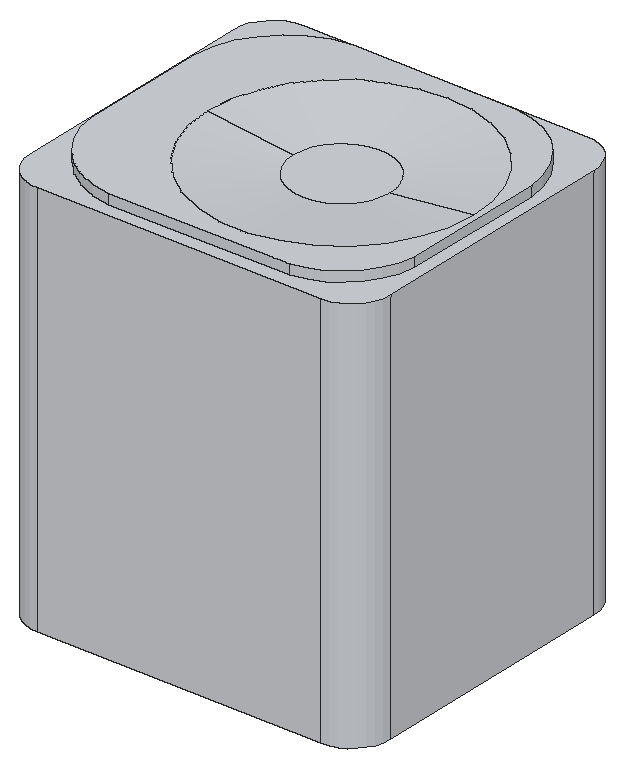
Revit family "33e5d51eb31949009b656b09612be7a5", category Mechanical Equipment, Revit 2021
Family settings
  Round Connector Dimension = Use Radius
  Part Type = Normal
  OmniClass Number = 23.75.10.21.11
  OmniClass Title = Air-Source Heat Pumps
  Seek Item ID = Heat Pump - Split System - 2.5-5 Tons-0000-USA-ENU
  Work Plane-Based = No
  Always vertical = Yes
  Cut with Voids When Loaded = No
  Shared = No
  Room Calculation Point = No
Parameters (values of type "5 Tons")
  Voltage = 460 V
  Radius 1 = 2.5 * Pump Length  # 7' - 9 1/8"
  Radius 2 = Radius 1 - 0' 1"  # 7' - 8 1/8"
  Pump Width = 2' - 10 1/4"
  Pump Length = 3' - 1 1/4"
  Pump Height = 3' - 5 1/8"
  Panel Height = 1' - 8"
  Outlet Radius = 3/16"
  Outlet Diameter = Outlet Radius * 2  # 3/8"
  Number of Poles = 3
  Load Classification = Cooling
  Inlet Radius = 9/16"
  Inlet Diameter = Inlet Radius * 2  # 1 1/8"
  Heat Pump Material = none
  Fan Radius = Fan Diameter / 2  # 1' - 1 205/256"
  Fan Diameter = 2' - 3 77/128"
  Default Elevation = 0' - 0"
  C2 Offset 2 = 0' - 8 5/8"
  C2 Offset 1 = 0' - 3 3/8"
  C1 Offset 2 = 0' - 6"
  C1 Offset 1 = 0' - 3 7/8"
  Apparent Load [instance] = 2300 VA
Types (6): name | Radius 1 | Radius 2 | Pump Width | Pump Length | Pump Height | Outlet Radius | Outlet Diameter | Inlet Radius | Inlet Diameter | Fan Radius | Fan Diameter | C2 Offset 2 | C2 Offset 1 | C1 Offset 2 | C1 Offset 1 | Apparent Load
  (no name) | 7' - 9 1/8" | 7' - 8 1/8" | 2' - 10 1/4" | 3' - 1 1/4" | 3' - 5 1/8" | 3/16" | 3/8" | 9/16" | 1 1/8" | 1' - 1 205/256" | 2' - 3 77/128" | 0' - 8 5/8" | 0' - 3 3/8" | 0' - 6" | 0' - 3 7/8" | 2300 VA
  2.5 Tons | 6' - 9 9/16" | 6' - 8 9/16" | 2' - 5 3/4" | 2' - 8 5/8" | 3' - 0 3/4" | 5/32" | 5/16" | 3/8" | 3/4" | 0' - 11 1/2" | 1' - 11" | 0' - 8 1/4" | 0' - 3 1/8" | 0' - 5 5/8" | 0' - 3 5/8" | 5060 VA
  3 Tons | 7' - 9 1/8" | 7' - 8 1/8" | 2' - 10 1/4" | 3' - 1 1/4" | 3' - 1 1/8" | 3/16" | 3/8" | 7/16" | 7/8" | 1' - 1 205/256" | 2' - 3 77/128" | 0' - 8 5/8" | 0' - 3 3/8" | 0' - 6" | 0' - 3 7/8" | 4140 VA
  3.5 Tons | 7' - 9 1/8" | 7' - 8 1/8" | 2' - 10 1/4" | 3' - 1 1/4" | 3' - 5 1/8" | 3/16" | 3/8" | 7/16" | 7/8" | 1' - 1 205/256" | 2' - 3 77/128" | 0' - 8 5/8" | 0' - 3 3/8" | 0' - 6" | 0' - 3 7/8" | 3220 VA
  4 Tons | 7' - 9 1/8" | 7' - 8 1/8" | 2' - 10 1/4" | 3' - 1 1/4" | 3' - 5 1/8" | 3/16" | 3/8" | 9/16" | 1 1/8" | 1' - 1 205/256" | 2' - 3 77/128" | 0' - 8 5/8" | 0' - 3 3/8" | 0' - 6" | 0' - 3 7/8" | 2760 VA
  5 Tons | 7' - 9 1/8" | 7' - 8 1/8" | 2' - 10 1/4" | 3' - 1 1/4" | 3' - 5 1/8" | 3/16" | 3/8" | 9/16" | 1 1/8" | 1' - 1 205/256" | 2' - 3 77/128" | 0' - 8 5/8" | 0' - 3 3/8" | 0' - 6" | 0' - 3 7/8" | 2300 VA
Reference planes (in)
  plane 1 "Center (Front/Back)": y = 0
  plane 2: z = 0
  plane 3 "Center (Left/Right)": x = 0
  plane 4: x = 18.625
  plane 5: x = 37.25
  plane 6: y = 34.25
  plane 7: y = -58.875
  plane 8: y = 93.125
  plane 9: y = 17.125
  plane 10: x = -55.875
  plane 11: x = 93.125
  plane 12: z = 41.125
  plane 13: x = 21.625
  plane 14 "Top": z = 42.125
  plane 15: z = 8.625
  plane 16: z = 6
  plane 17: x = 33.375
  plane 18: x = 33.875
  plane 19: y = 31.25
  plane 20: z = 21.125
  plane 21 "electrical": through (29.99161, 28.73067, 48) normal (0.627, 0.779, 0)
  plane 22: x = 27.625
Forms (in)
  Extrusion 1, solid, material <- "Heat Pump Material"
    sketch origin (0, 0, 0) x (1, 0, 0) y (0, 1, 0)
      loop
        arc (4, 34.25) -> (1.17157, 33.07843) -> (0, 30.25) r 4
        line (0, 30.25) -> (0, 4)
        arc (0, 4) -> (1.17157, 1.17157) -> (4, 0) r 4
        line (4, 0) -> (33.25, 0)
        arc (33.25, 0) -> (36.07843, 1.17157) -> (37.25, 4) r 4
        line (37.25, 4) -> (37.25, 30.25)
        arc (37.25, 30.25) -> (36.07843, 33.07843) -> (33.25, 34.25) r 4
        line (33.25, 34.25) -> (4, 34.25)
    from 0 to 41.125
  Extrusion 2, solid, material <- "Heat Pump Material"
    sketch origin (0, 0, 0) x (1, 0, 0) y (0, 1, 0)
      loop
        arc (26.97589, 32.87073) -> (18.58387, 33.24999) -> (10.19218, 32.86323) r 92.125
        arc (10.19218, 32.86323) -> (4.02886, 29.9194) -> (1.23401, 23.68711) r 9.91029
        arc (1.23401, 23.68711) -> (1, 17.125) -> (1.23401, 10.56289) r 92.125
        arc (1.23401, 10.56289) -> (4.02463, 4.32647) -> (10.19218, 1.38677) r 9.89136
        arc (10.19218, 1.38677) -> (19.49425, 1.0041) -> (28.78744, 1.56223) r 92.125
        arc (28.78744, 1.56223) -> (33.6179, 3.91321) -> (35.87213, 8.78957) r 8
        arc (35.87213, 8.78957) -> (36.24571, 16.23543) -> (36.01599, 23.68711) r 92.125
        arc (36.01599, 23.68711) -> (33.18903, 29.94555) -> (26.97589, 32.87073) r 9.9252
    from 41.125 to 42.125
  Blend 3, void
    base sketch origin (0, 0, 0) x (1, 0, 0) y (0, 1, 0)
      loop
        circle (21.625, 17.125) r 5
    top sketch origin (0, 0, 0) x (1, 0, 0) y (0, 1, 0)
      loop
        circle (21.625, 17.125) r 13.80078
    from 41.125 to 42.125
  Extrusion 4, solid, material <- "Heat Pump Material"
    sketch origin (0, 0, 0) x (1, 0, 0) y (0, 0, 1)
      loop
        circle (33.375, 6) r 0.5625
    from -34.25 to -31.25
  Extrusion 5, solid, material <- "Heat Pump Material"
    sketch origin (0, 0, 0) x (1, 0, 0) y (0, 0, 1)
      loop
        circle (33.875, 8.625) r 0.1875
    from -34.25 to -31.25
  Extrusion 6, solid, material <- "Heat Pump Material"
    sketch origin (0, 0, 0) x (1, 0, 0) y (0, 0, 1)
      loop
        circle (27.625, 21.125) r 0.25
    from -34.25 to -31.25
Cuts and joins
  Blend 3 cuts Extrusion 2
  joined: Extrusion 1, Extrusion 2, Extrusion 4, Extrusion 5, Extrusion 6
Dimensions and locks (in)
  equal spacing: plane 3 "Center (Left/Right)", plane 4, plane 5
  "Pump Length": plane 3 "Center (Left/Right)" to plane 5
  "Radius 1": plane 6 to plane 7
  "Pump Width": plane 6 to plane 1 "Center (Front/Back)"
  "Radius 1": plane 8 to plane 1 "Center (Front/Back)"
  equal spacing: plane 6, plane 9, plane 1 "Center (Front/Back)"
  "Radius 1": plane 10 to plane 5
  "Radius 1": plane 3 "Center (Left/Right)" to plane 11
  "Pump Height": plane 12 to plane 2
  locked: plane 4 to plane 13 at 3
  locked: plane 14 "Top" to plane 12 at 1
  "C2 Offset 2": plane 2 to plane 15
  "C1 Offset 2": plane 2 to plane 16
  "C1 Offset 1": plane 5 to plane 17
  "C2 Offset 1": plane 5 to plane 18
  locked: plane 6 to plane 19 at 3
  "Panel Height": plane 12 to plane 20
  "Radius 2": radius of Extrusion 2 sketch curve  (x4)
  radius of Blend 3 sketch curve = 0' - 5"
  "Fan Radius": radius of Blend 3 sketch curve
  "Inlet Radius": radius of Extrusion 4 sketch curve
  "Outlet Radius": radius of Extrusion 5 sketch curve
  radius of Extrusion 1 sketch curve = 0' - 4"  (x4)
  radius of Extrusion 6 sketch curve = 0' - 0 1/4"
  aligned and locked: Extrusion 1 to plane 2
  aligned and locked: Extrusion 1 to plane 12
  aligned and locked: plane 14 "Top" to Extrusion 2
  aligned and locked: plane 12 to Extrusion 2
  aligned and locked: plane 9 to Blend 3 sketch curve  (x2)
  aligned and locked: plane 13 to Blend 3 sketch curve  (x2)
  aligned and locked: plane 14 "Top" to Blend 3
  aligned and locked: plane 12 to Blend 3
  aligned and locked: plane 15 to Extrusion 5 sketch curve
  aligned and locked: plane 18 to Extrusion 5 sketch curve
  aligned and locked: plane 16 to Extrusion 4 sketch curve
  aligned and locked: plane 17 to Extrusion 4 sketch curve
  aligned and locked: plane 6 to Extrusion 5
  aligned and locked: plane 6 to Extrusion 4
  aligned and locked: Extrusion 5 to plane 19
  aligned and locked: Extrusion 4 to plane 19
  aligned and locked: Extrusion 1 sketch curve to plane 6
  aligned and locked: Extrusion 1 sketch curve to plane 5
  aligned and locked: plane 20 to Extrusion 6 sketch curve
  aligned and locked: plane 22 to Extrusion 6 sketch curve
  aligned and locked: plane 6 to Extrusion 6
  aligned and locked: Extrusion 6 to plane 19
Automatic sketch dimensions
  Extrusion 2 sketch curve to plane 9 = 0' - 0"  (x2)
  Extrusion 2 sketch curve to plane 10 = 0' - 0"
  Extrusion 2 sketch curve to plane 4 = 0' - 0"  (x2)
  Extrusion 2 sketch curve to plane 11 = 0' - 0"
  Extrusion 2 sketch curve to plane 7 = 0' - 0"
  Extrusion 2 sketch curve to plane 8 = 0' - 0"
  plane 3 "Center (Left/Right)" to Extrusion 2 sketch curve = 0' - 1.23401"  (x2)
  Extrusion 2 sketch curve to plane 6 = 0' - 1.38677"
  Extrusion 2 sketch curve to plane 1 "Center (Front/Back)" = 0' - 1.38677"
  Extrusion 2 sketch curve to plane 9 = 0' - 5.88884"
  plane 9 to Extrusion 2 sketch curve = 0' - 5.87149"
  plane 13 to Extrusion 2 sketch curve = 0' - 4.49081"
  Extrusion 2 sketch curve to plane 6 = 0' - 1.37927"
  Extrusion 2 sketch curve to plane 5 = 0' - 1.37787"
  Extrusion 2 sketch curve to Extrusion 2 sketch curve = 0' - 0"  (x2)
  Extrusion 2 sketch curve to plane 5 = 0' - 1.23401"
  Extrusion 1 sketch curve to plane 3 "Center (Left/Right)" = 0' - 0"
  Extrusion 1 sketch curve to plane 1 "Center (Front/Back)" = 0' - 0"
Connectors (in)
  piping at (33.375, 34.25, 6), diameter 1.125, driven by "Inlet Radius"
    settings: on Extrusion 4, index 1, connector inside diameter 1 1/8", connector length 0' - 0", flow factor 0, pipe flow 0 GPM, pressure drop 0.00 psi, fitting loss kfactor 0, connector angle 0.00°, fixture units 0, engagement length 0' - 0", angle of deflection 0.00°, flow configuration 0, flow direction 1, fitting loss method 0, system type 8, joint type 0, gender type 0, connector reference index 2, connector utility 0, adjustable connector no, is connector primary yes, connector description "Flow In"
  piping at (33.875, 34.25, 8.625), diameter 0.375, driven by "Outlet Radius"
    settings: on Extrusion 5, index 2, connector inside diameter 3/8", connector length 0' - 0", flow factor 0, pipe flow 0 GPM, pressure drop 0.00 psi, fitting loss kfactor 0, connector angle 0.00°, fixture units 0, engagement length 0' - 0", angle of deflection 0.00°, flow configuration 0, flow direction 2, fitting loss method 0, system type 7, joint type 0, gender type 0, connector reference index 1, connector utility 0, adjustable connector no, is connector primary no, connector description "Flow Out"
  electrical at (27.625, 34.25, 21.125), driven by "Apparent Load", driven by "Voltage", driven by "Number of Poles", driven by "Load Classification"
    settings: on Extrusion 6, index 3, voltage 460 V, apparent load 2300 VA, apparent load phase1 0 VA, apparent load phase2 0 VA, apparent load phase3 0 VA, power factor 0.8, load classification "Cooling", number of poles 3, system type 30, power factor state 1, is connector primary yes, connector utility no, sub classification motor no, connector description ""
